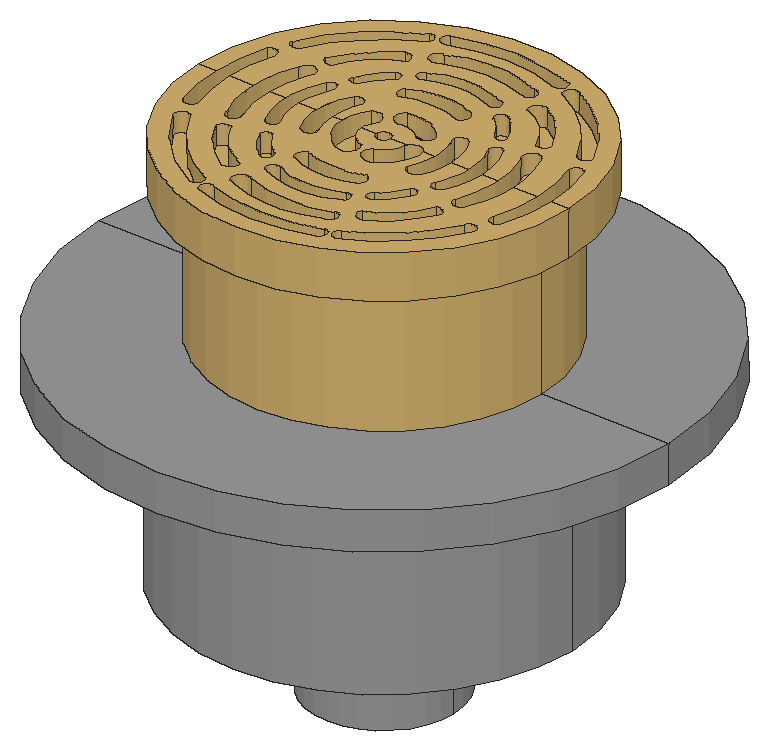
Revit family "Drain-Floor-WATTS-Round-Pronto-Type_FD-190-PR-60_Series", category Plumbing Fixtures, host Face, Revit 2019
Family settings
  Host = Face
  Round Connector Dimension = Use Radius
  Part Type = Normal
  OmniClass Number = 23.70.50.21.24
  OmniClass Title = Waste Water Drains
  Cut with Voids When Loaded = Yes
  Shared = No
  Room Calculation Point = No
Parameters (values of type "FD-192-PR5-60")
  Waste Connection = yes
  Warranty Documentation Link = "https://www.watts.com/resources/warranty-information"
  WFU = 0
  Vent Connection = no
  URL = "http://www.watts.com"
  Strainer Thread Radius = 2 1/4"  # constant formula
  Strainer Line Radius 3 = Strainer Line Radius 2 - Strainer Line Distance  # 0.38275"
  Strainer Line Radius 2 = Strainer Line Radius 1 - Strainer Line Distance  # 1.11325"
  Strainer Line Radius 1 = Flange Radius - 205/256"  # 1 27/32"
  Strainer Line Distance = 0.7305"
  Strainer Height = 2 1/2"
  Flange  Dia. = 5 37/128"
  Region = "North America"  # constant formula
  Product Page URL = "https://www.watts.com/products/drainage-solutions/floor-drains-channels-trench/floor-drains/fd-190-pr-60"
  Product Documentation Link = "https://www.watts.com/dfsmedia/0533dbba17714b1ab581ab07a4cbb521/56030-source/es-wd-fd-190-pr"
  Outlet Radius = 1"
  Outlet Length = 1 13/32"  # constant formula
  Model = "FD-190-PR-60"
  Material = "Metal-WATTS-Nickel Bronze"
  Manufacturer Product Line = "Drainage Products"  # constant formula
  Manufacturer = "WATTS"  # constant formula
  HWFU = 0
  HW Connection = no
  Flange Thickness = 5/8"  # constant formula
  Flange Radius = Flange  Dia. / 2  # 2 165/256"
  Finish = Metal-WATTS-Nickel Bronze
  Country = "United States"  # constant formula
  CWFU = 0
  Body Flange Thickness = 0.528"  # constant formula
  Body Flange Radius = 4.063"  # constant formula
  Description = "The Pronto!™ FD-190-PR-60 PVC adjustable floor drain offers 1 3/4” pre- and 7/8” post-pour adjustability with an integrated bubble level, two leveling shims and a reversible clamping collar with weepholes to ensure professional results. This floor drain also features an anchor flange, round nickel bronze strainer, and a solvent weld outlet. Options include vandal-proofing, trap primer tapping, a backwater valve, side outlet and a choice of funnels."  # constant formula
  Default Elevation = 0"
  Connection Radius = Outlet Radius  # 1"
  CW Connection = no
  Body Radius = 2.688"  # constant formula
  Body Length = 4"  # constant formula
  Assembly Code = "D2030300"
  8 - Backwater Valve = no
  2"-4" Outlets = yes
  -7 Trap Primer Tapping = no
  -6 - vandal proof = no
Types (5): name | Strainer Line Radius 3 | Strainer Line Radius 2 | Strainer Line Radius 1 | Strainer Height | Flange  Dia. | Product Documentation Link | Outlet Radius | Material | Flange Radius | Finish | Connection Radius
  (no name) | 0.38275" | 1.11325" | 1 27/32" | 2 1/2" | 5 37/128" | "https://www.watts.com/dfsmedia/0533dbba17714b1ab581ab07a4cbb521/56030-source/es-wd-fd-190-pr" | 1" | "Metal-WATTS-Nickel Bronze" | 2 165/256" | Metal-WATTS-Nickel Bronze | 1"
  FD-192-PR5-60 | 0.38275" | 1.11325" | 1 27/32" | 2 1/2" | 5 37/128" | "https://www.watts.com/dfsmedia/0533dbba17714b1ab581ab07a4cbb521/56030-source/es-wd-fd-190-pr" | 1" | "Metal-WATTS-Nickel Bronze" | 2 165/256" | Metal-WATTS-Nickel Bronze | 1"
  FD-193-PR6-60 | 0.67962" | 1.41013" | 2 9/64" | 2 1/2" | 5 113/128" | "https://www.watts.com/dfsmedia/0533dbba17714b1ab581ab07a4cbb521/53118-source" | 1 1/2" | "Plastic-WATTS-PVC" | 2 241/256" | none | 1 1/2"
  FD-193-PR7-60 | 1.29095" | 2.02145" | 2.75195" | 2 5/8" | 7 27/256" | "https://www.watts.com/dfsmedia/0533dbba17714b1ab581ab07a4cbb521/53118-source" | 1 1/2" | "Plastic-WATTS-PVC" | 3.55273" | none | 1 1/2"
  FD-194-PR8-60 | 1.68548" | 2.41598" | 3.14648" | 2 3/4" | 7 229/256" | "https://www.watts.com/dfsmedia/0533dbba17714b1ab581ab07a4cbb521/53118-source" | 2" | "Plastic-WATTS-PVC" | 3.94727" | none | 2"
Reference planes (in)
  plane 1 "Center (Front/Back)": y = 0
  plane 2: z = 0
  plane 3 "Center (Left/Right)": x = 0
  plane 4: z = 0.0625
  plane 5: y = 2.64453
Forms (in)
  Revolve 1, solid, material "Metal-WATTS-Nickel Bronze" <- "Finish"
    sketch origin (0, 0, 0) x (1, 0, 0) y (0, 0, 1)
      loop
        line (-2.25, -0.625) -> (-2.25, -2.5) -> (0, -2.5) -> (0, 0) -> (-2.64453, 0) -> (-2.64453, -0.625) -> (-2.25, -0.625)
      axis (0, 0) -> (0, -2.5)
    angle from 0 to 360
  Revolve 2, solid, material "Metal-WATTS-Cast Iron"
    sketch origin (0, 0, 0) x (1, 0, 0) y (0, 0, 1)
      loop
        line (0, -2.5) -> (-4.063, -2.5) -> (-4.063, -3.028) -> (-2.688, -3.028) -> (-2.688, -5.62175) -> (-1, -5.62175) -> (-1, -7.028) -> (0, -7.028) -> (0, -2.5)
      axis (0, -2.5) -> (0, -7.028)
    angle from 0 to 360
  Revolve 3, void
    sketch origin (0, 0, 0) x (0, 1, 0) y (0, 0, 1)
      loop
        line (0, 0.0625) -> (0, -0.625) -> (2.64453, -0.625) -> (2.64453, 0.0625) -> (0, 0.0625)
      axis (0, -0.625) -> (0, 0.0625)
    angle from 0 to 360
  Extrusion 4, void
    sketch origin (0, 0, 0) x (1, 0, 0) y (0, 1, 0)
      loop
        circle (0, 0) r 0.09679
      loop
        arc (-1.0675, 2.13784) -> (-1.69691, 1.68213) -> (-2.14695, 1.04866) r 2.39105
        arc (-2.14695, 1.04866) -> (-2.08104, 0.94736) -> (-1.96519, 0.98178) r 0.101
        arc (-1.96519, 0.98178) -> (-1.55342, 1.55316) -> (-0.98194, 1.96476) r 2.19554
        arc (-0.98194, 1.96476) -> (-0.93911, 2.09362) -> (-1.0675, 2.13784) r 0.09654
      loop
        arc (0.84988, 2.23659) -> (0, 2.39262) -> (-0.84988, 2.23659) r 2.39262
        arc (-0.84988, 2.23659) -> (-0.89383, 2.11381) -> (-0.77944, 2.05121) r 0.10039
        arc (-0.77944, 2.05121) -> (0, 2.1943) -> (0.77944, 2.05121) r 2.1943
        arc (0.77944, 2.05121) -> (0.89383, 2.11381) -> (0.84988, 2.23659) r 0.10039
      loop
        arc (2.14588, 1.05822) -> (1.69617, 1.68749) -> (1.06922, 2.14042) r 2.39262
        arc (1.06922, 2.14042) -> (0.93714, 2.09555) -> (0.9806, 1.96301) r 0.09916
        arc (0.9806, 1.96301) -> (1.54555, 1.55764) -> (1.9553, 0.99587) r 2.1943
        arc (1.9553, 0.99587) -> (2.0775, 0.94613) -> (2.14588, 1.05822) r 0.101
      loop
        arc (1.04951, -2.15015) -> (1.6884, -1.69526) -> (2.14588, -1.05822) r 2.39262
        arc (2.14588, -1.05822) -> (2.0775, -0.94613) -> (1.95616, -0.99631) r 0.101
        arc (1.95616, -0.99631) -> (1.53804, -1.56506) -> (0.96168, -1.97235) r 2.1943
        arc (0.96168, -1.97235) -> (0.93467, -2.09628) -> (1.04951, -2.15015) r 0.1017
      loop
        arc (-0.77944, -2.05121) -> (-0.89383, -2.11381) -> (-0.84988, -2.23659) r 0.10039
        arc (-0.84988, -2.23659) -> (0, -2.39262) -> (0.84988, -2.23659) r 2.39262
        arc (0.84988, -2.23659) -> (0.89383, -2.11381) -> (0.77944, -2.05121) r 0.10039
        arc (0.77944, -2.05121) -> (0, -2.1943) -> (-0.77944, -2.05121) r 2.1943
      loop
        arc (-1.95612, -0.9964) -> (-2.10495, -0.96002) -> (-2.11851, -1.11263) r 0.101
        arc (-2.11851, -1.11263) -> (-1.67494, -1.7112) -> (-1.06875, -2.14428) r 2.3921
        arc (-1.06875, -2.14428) -> (-0.93497, -2.09645) -> (-0.98111, -1.96209) r 0.1011
        arc (-0.98111, -1.96209) -> (-1.54601, -1.55739) -> (-1.95612, -0.9964) r 2.19519
      loop
        arc (-2.0873, 0.68469) -> (-2.15053, 0.79254) -> (-2.26849, 0.7511) r 0.0983
        arc (-2.26849, 0.7511) -> (-2.39067, 0.00912) -> (-2.27663, -0.73415) r 2.39372
        arc (-2.27663, -0.73415) -> (-2.15437, -0.79386) -> (-2.08957, -0.67421) r 0.0983
        arc (-2.08957, -0.67421) -> (-2.19629, 0.00542) -> (-2.0873, 0.68469) r 2.19423
      loop
        arc (0.64716, 1.88032) -> (0.00795, 2.0178) -> (-0.63177, 1.88268) r 1.56822
        arc (-0.63177, 1.88268) -> (-0.73473, 1.71467) -> (-0.54061, 1.68082) r 0.11911
        arc (-0.54061, 1.68082) -> (0.04683, 1.79067) -> (0.6331, 1.67476) r 1.58204
        arc (0.6331, 1.67476) -> (0.76099, 1.76928) -> (0.64716, 1.88032) r 0.10437
      loop
        arc (-0.46583, 1.26518) -> (-0.58554, 1.30667) -> (-0.54148, 1.42546) r 0.08864
        arc (-0.54148, 1.42546) -> (0, 1.56566) -> (0.54148, 1.42546) r 1.11579
        arc (0.54148, 1.42546) -> (0.58634, 1.30841) -> (0.46929, 1.26354) r 0.08864
        arc (0.46929, 1.26354) -> (0.00226, 1.37284) -> (-0.46457, 1.26266) r 1.04827
      loop
        arc (0.44272, 1.01606) -> (-0.0304, 1.12445) -> (-0.49617, 0.9879) r 0.9614
        arc (-0.49617, 0.9879) -> (-0.51289, 0.88212) -> (-0.44183, 0.80199) r 0.12542
        arc (-0.44183, 0.80199) -> (-0.02204, 0.88693) -> (0.39647, 0.79595) r 1.04264
        arc (0.39647, 0.79595) -> (0.4886, 0.8915) -> (0.44272, 1.01606) r 0.12494
      loop
        arc (0.64716, -1.88032) -> (0.76099, -1.76928) -> (0.6331, -1.67476) r 0.10437
        arc (0.6331, -1.67476) -> (0.04683, -1.79067) -> (-0.54061, -1.68082) r 1.58204
        arc (-0.54061, -1.68082) -> (-0.73473, -1.71467) -> (-0.63177, -1.88268) r 0.11911
        arc (-0.63177, -1.88268) -> (0.00795, -2.0178) -> (0.64716, -1.88032) r 1.56822
      loop
        arc (-0.46583, -1.26518) -> (-0.58554, -1.30667) -> (-0.54148, -1.42546) r 0.08864
        arc (-0.54148, -1.42546) -> (0, -1.56566) -> (0.54148, -1.42546) r 1.11579
        arc (0.54148, -1.42546) -> (0.58634, -1.30841) -> (0.46929, -1.26354) r 0.08864
        arc (0.46929, -1.26354) -> (0.00226, -1.37284) -> (-0.46457, -1.26266) r 1.04827
      loop
        arc (0.44272, -1.01606) -> (0.4886, -0.8915) -> (0.39647, -0.79595) r 0.12494
        arc (0.39647, -0.79595) -> (-0.02204, -0.88693) -> (-0.44183, -0.80199) r 1.04264
        arc (-0.44183, -0.80199) -> (-0.51289, -0.88212) -> (-0.49617, -0.9879) r 0.12542
        arc (-0.49617, -0.9879) -> (-0.0304, -1.12445) -> (0.44272, -1.01606) r 0.9614
      loop
        arc (-1.71941, -0.63919) -> (-1.60836, -0.75302) -> (-1.51385, -0.62513) r 0.10437
        arc (-1.51385, -0.62513) -> (-1.62975, -0.03885) -> (-1.5199, 0.54859) r 1.58204
        arc (-1.5199, 0.54859) -> (-1.55376, 0.7427) -> (-1.72177, 0.63975) r 0.11911
        arc (-1.72177, 0.63975) -> (-1.85689, 0.00003) -> (-1.71941, -0.63919) r 1.56822
      loop
        arc (-1.10427, 0.4738) -> (-1.14576, 0.59352) -> (-1.26455, 0.54945) r 0.08864
        arc (-1.26455, 0.54945) -> (-1.40474, 0.00798) -> (-1.26455, -0.5335) r 1.11579
        arc (-1.26455, -0.5335) -> (-1.1475, -0.57837) -> (-1.10263, -0.46132) r 0.08864
        arc (-1.10263, -0.46132) -> (-1.21192, 0.00572) -> (-1.10174, 0.47254) r 1.04827
      loop
        arc (-0.85515, -0.43474) -> (-0.73059, -0.48062) -> (-0.63503, -0.3885) r 0.12494
        arc (-0.63503, -0.3885) -> (-0.72602, 0.03002) -> (-0.64108, 0.44981) r 1.04264
        arc (-0.64108, 0.44981) -> (-0.72121, 0.52086) -> (-0.82699, 0.50415) r 0.12542
        arc (-0.82699, 0.50415) -> (-0.96354, 0.03837) -> (-0.85515, -0.43474) r 0.9614
      loop
        arc (-1.01622, -1.63776) -> (-0.88828, -1.60487) -> (-0.86137, -1.47554) r 0.12494
        arc (-0.86137, -1.47554) -> (-1.21828, -1.24391) -> (-1.45293, -0.88897) r 1.04262
        arc (-1.45293, -0.88897) -> (-1.55685, -0.89488) -> (-1.61931, -0.97813) r 0.12346
        arc (-1.61931, -0.97813) -> (-1.36997, -1.35567) -> (-1.01622, -1.63776) r 1.44707
      loop
        arc (1.01622, -1.63776) -> (1.36997, -1.35567) -> (1.61931, -0.97813) r 1.44707
        arc (1.61931, -0.97813) -> (1.55685, -0.89488) -> (1.45293, -0.88897) r 0.12346
        arc (1.45293, -0.88897) -> (1.21828, -1.24391) -> (0.86137, -1.47554) r 1.04262
        arc (0.86137, -1.47554) -> (0.88828, -1.60487) -> (1.01622, -1.63776) r 0.12494
      loop
        arc (-1.01622, 1.63776) -> (-1.36997, 1.35567) -> (-1.61931, 0.97813) r 1.44707
        arc (-1.61931, 0.97813) -> (-1.55685, 0.89488) -> (-1.45293, 0.88897) r 0.12346
        arc (-1.45293, 0.88897) -> (-1.21828, 1.24391) -> (-0.86137, 1.47554) r 1.04262
        arc (-0.86137, 1.47554) -> (-0.88828, 1.60487) -> (-1.01622, 1.63776) r 0.12494
      loop
        arc (1.01622, 1.63776) -> (0.88828, 1.60487) -> (0.86137, 1.47554) r 0.12494
        arc (0.86137, 1.47554) -> (1.21828, 1.24391) -> (1.45293, 0.88897) r 1.04262
        arc (1.45293, 0.88897) -> (1.55685, 0.89488) -> (1.61931, 0.97813) r 0.12346
        arc (1.61931, 0.97813) -> (1.36997, 1.35567) -> (1.01622, 1.63776) r 1.44707
      loop
        arc (-0.9727, -0.75493) -> (-1.07312, -0.73467) -> (-1.10819, -0.83092) r 0.07856
        arc (-1.10819, -0.83092) -> (-0.98326, -1.03753) -> (-0.81078, -1.2065) r 0.9614
        arc (-0.81078, -1.2065) -> (-0.69466, -1.18607) -> (-0.70622, -1.06874) r 0.08672
        arc (-0.70622, -1.06874) -> (-0.8551, -0.92512) -> (-0.9727, -0.75493) r 1.04264
      loop
        arc (0.9727, -0.75493) -> (0.8551, -0.92512) -> (0.70622, -1.06874) r 1.04264
        arc (0.70622, -1.06874) -> (0.69466, -1.18607) -> (0.81078, -1.2065) r 0.08672
        arc (0.81078, -1.2065) -> (0.98326, -1.03753) -> (1.10819, -0.83092) r 0.9614
        arc (1.10819, -0.83092) -> (1.07312, -0.73467) -> (0.9727, -0.75493) r 0.07856
      loop
        arc (-0.9727, 0.75493) -> (-0.8551, 0.92512) -> (-0.70622, 1.06874) r 1.04264
        arc (-0.70622, 1.06874) -> (-0.69466, 1.18607) -> (-0.81078, 1.2065) r 0.08672
        arc (-0.81078, 1.2065) -> (-0.98326, 1.03753) -> (-1.10819, 0.83092) r 0.9614
        arc (-1.10819, 0.83092) -> (-1.07312, 0.73467) -> (-0.9727, 0.75493) r 0.07856
      loop
        arc (0.9727, 0.75493) -> (1.07312, 0.73467) -> (1.10819, 0.83092) r 0.07856
        arc (1.10819, 0.83092) -> (0.98326, 1.03753) -> (0.81078, 1.2065) r 0.9614
        arc (0.81078, 1.2065) -> (0.69466, 1.18607) -> (0.70622, 1.06874) r 0.08672
        arc (0.70622, 1.06874) -> (0.8551, 0.92512) -> (0.9727, 0.75493) r 1.04264
      loop
        arc (0.85515, -0.43474) -> (0.96354, 0.03837) -> (0.82699, 0.50415) r 0.9614
        arc (0.82699, 0.50415) -> (0.72121, 0.52086) -> (0.64108, 0.44981) r 0.12542
        arc (0.64108, 0.44981) -> (0.72602, 0.03002) -> (0.63503, -0.3885) r 1.04264
        arc (0.63503, -0.3885) -> (0.73059, -0.48062) -> (0.85515, -0.43474) r 0.12494
      loop
        arc (2.0873, 0.68469) -> (2.19629, 0.00542) -> (2.08957, -0.67421) r 2.19423
        arc (2.08957, -0.67421) -> (2.15437, -0.79386) -> (2.27663, -0.73415) r 0.0983
        arc (2.27663, -0.73415) -> (2.39067, 0.00912) -> (2.26849, 0.7511) r 2.39372
        arc (2.26849, 0.7511) -> (2.15053, 0.79254) -> (2.0873, 0.68469) r 0.0983
      loop
        arc (1.71941, -0.63919) -> (1.85689, 0.00003) -> (1.72177, 0.63975) r 1.56822
        arc (1.72177, 0.63975) -> (1.55376, 0.7427) -> (1.5199, 0.54859) r 0.11911
        arc (1.5199, 0.54859) -> (1.62975, -0.03885) -> (1.51385, -0.62513) r 1.58204
        arc (1.51385, -0.62513) -> (1.60836, -0.75302) -> (1.71941, -0.63919) r 0.10437
      loop
        arc (1.10427, 0.4738) -> (1.14576, 0.59352) -> (1.26455, 0.54945) r 0.08864
        arc (1.26455, 0.54945) -> (1.40474, 0.00798) -> (1.26455, -0.5335) r 1.11579
        arc (1.26455, -0.5335) -> (1.1475, -0.57837) -> (1.10263, -0.46132) r 0.08864
        arc (1.10263, -0.46132) -> (1.21192, 0.00572) -> (1.10174, 0.47254) r 1.04827
      loop
        arc (-0.24944, 0.18619) -> (-0.29735, 0.35676) -> (-0.47451, 0.35616) r 0.14633
        arc (-0.47451, 0.35616) -> (-0.57156, -0.15957) -> (-0.22151, -0.55056) r 0.59332
        arc (-0.22151, -0.55056) -> (-0.06276, -0.47639) -> (-0.07788, -0.30182) r 0.15292
        arc (-0.07788, -0.30182) -> (-0.29391, -0.1036) -> (-0.24944, 0.18619) r 0.3113
      loop
        arc (0.47863, 0.35092) -> (0.2033, 0.55756) -> (-0.14041, 0.57655) r 0.59336
        arc (-0.14041, 0.57655) -> (-0.17504, 0.39816) -> (-0.01436, 0.31328) r 0.1525
        arc (-0.01436, 0.31328) -> (0.13336, 0.30184) -> (0.25783, 0.22147) r 0.30181
        arc (0.25783, 0.22147) -> (0.42061, 0.19685) -> (0.47863, 0.35092) r 0.13085
      loop
        arc (0.08829, -0.29868) -> (0.05177, -0.47918) -> (0.22157, -0.55047) r 0.14528
        arc (0.22157, -0.55047) -> (0.46097, -0.37365) -> (0.58441, -0.10283) r 0.59339
        arc (0.58441, -0.10283) -> (0.48256, 0.06574) -> (0.31007, -0.02932) r 0.14212
        arc (0.31007, -0.02932) -> (0.24044, -0.19797) -> (0.08829, -0.29868) r 0.31145
    from -0.26363 to 0.0625
Cuts and joins
  Extrusion 4 cuts Revolve 1
Lines and regions (in)
  Masking region 1
    outline origin (0, 0, 0) x (1, 0, 0) y (0, 1, 0)
      loop
        circle (0, 0) r 2.64453
  model lines, detail levels fine
    curve 1: circle (0, 0, 0) r 1.84375 normal (0, 0, 1)
    curve 2: circle (0, 0, 0) r 1.11325 normal (0, 0, 1)
    curve 3: circle (0, 0, 0) r 0.38275 normal (0, 0, 1)
  model lines, detail levels medium+fine
    curve 4: line (-2.64453, 0, 0) -> (2.64453, 0, 0)
    curve 5: line (0, 2.64453, 0) -> (0, -2.64453, 0)
  model lines, style "PlumbingFixtures", not visible, detail levels fine
    curve 6: circle (0, 0, 0) r 2.64453 normal (0, 0, -1)
Dimensions and locks (in)
  "Strainer Thread Radius": plane 3 "Center (Left/Right)" to Revolve 1 sketch curve
  "Strainer Height": plane 2 to Revolve 1 sketch curve
  "Body Flange Thickness": Revolve 2 sketch curve to Revolve 2 sketch curve
  "Outlet Radius": plane 3 "Center (Left/Right)" to Revolve 2 sketch curve
  "Body Radius": plane 3 "Center (Left/Right)" to Revolve 2 sketch curve
  "Body Length": Revolve 2 sketch curve to Revolve 2 sketch curve
  "Outlet Length": Revolve 2 sketch curve to Revolve 2 sketch curve
  "Flange Thickness": Revolve 1 sketch curve to Revolve 1 sketch curve
  "Flange Radius": plane 3 "Center (Left/Right)" to Revolve 1 sketch curve
  locked: level to plane 4 at 0.0625
  "Flange Radius": plane 5 to plane 1 "Center (Front/Back)"
  "Strainer Line Radius 1": radius of curve 1
  "Strainer Line Radius 2": radius of curve 2
  "Strainer Line Radius 3": radius of curve 3
  aligned and locked: plane 2 to host face
  aligned and locked: level to host face
  aligned and locked: plane 3 "Center (Left/Right)" to curve 3
  aligned and locked: plane 1 "Center (Front/Back)" to curve 3
  aligned and locked: plane 3 "Center (Left/Right)" to curve 2
  aligned and locked: plane 1 "Center (Front/Back)" to curve 2
  aligned and locked: plane 3 "Center (Left/Right)" to curve 1
  aligned and locked: plane 1 "Center (Front/Back)" to curve 1
  aligned and locked: plane 1 "Center (Front/Back)" to curve 4
  aligned and locked: curve 5 to plane 3 "Center (Left/Right)"
  aligned and locked: plane 3 "Center (Left/Right)" to Revolve 1 sketch curve
  aligned and locked: Revolve 1 sketch curve to Revolve 1 sketch curve
  aligned and locked: plane 3 "Center (Left/Right)" to Revolve 2 sketch curve
  aligned and locked: Revolve 2 sketch curve to Revolve 1
  aligned and locked: Revolve 2 sketch curve to Revolve 2 sketch curve  (x2)
  aligned and locked: plane 1 "Center (Front/Back)" to Revolve 3 sketch curve
  aligned and locked: Revolve 3 sketch curve to plane 1 "Center (Front/Back)"
  aligned and locked: Revolve 3 sketch curve to Revolve 1
  aligned and locked: plane 4 to Revolve 3 sketch curve
  aligned and locked: curve 6 to Revolve 1
  aligned and locked: Masking region 1 sketch curve to Revolve 1
  aligned and locked: plane 5 to Revolve 3 sketch curve
Automatic sketch dimensions
  host sketch curve to host sketch curve = 96"  (x2)
  Revolve 2 sketch curve to Revolve 2 sketch curve = 0"
  Revolve 2 sketch curve to Revolve 2 sketch curve = 1 3/8"
  Revolve 3 sketch curve to Revolve 3 sketch curve = 5.35007"
  Revolve 3 sketch curve to Revolve 3 sketch curve = 1 1/4"
  Revolve 1 sketch curve to level = 0"
  Revolve 1 sketch curve to Revolve 1 sketch curve = 0.747"
  Revolve 1 sketch curve to Revolve 1 sketch curve = 1/8"
  Extrusion 4 sketch curve to Extrusion 4 sketch curve = 0"  (x111)
  Extrusion 4 sketch curve to plane 3 "Center (Left/Right)" = 0"  (x3)
  plane 1 "Center (Front/Back)" to Extrusion 4 sketch curve = 0"
  Extrusion 4 sketch curve to plane 3 "Center (Left/Right)" = 0.00007"
  Extrusion 4 sketch curve to plane 3 "Center (Left/Right)" = 0.00023"
  Extrusion 4 sketch curve to plane 1 "Center (Front/Back)" = 0.00046"
  Extrusion 4 sketch curve to plane 3 "Center (Left/Right)" = 0.00115"
  Extrusion 4 sketch curve to plane 3 "Center (Left/Right)" = 0.00125"
  Extrusion 4 sketch curve to plane 3 "Center (Left/Right)" = 0.00158"  (x2)
  Extrusion 4 sketch curve to Extrusion 4 sketch curve = 0.00081"
  Extrusion 4 sketch curve to plane 3 "Center (Left/Right)" = 0.00256"
  Extrusion 4 sketch curve to plane 3 "Center (Left/Right)" = 0.00302"
  Extrusion 4 sketch curve to Extrusion 4 sketch curve = 0.02798"  (x2)
  Extrusion 4 sketch curve to plane 3 "Center (Left/Right)" = 0.03749"
  Extrusion 4 sketch curve to plane 3 "Center (Left/Right)" = 0.04773"
  Extrusion 4 sketch curve to plane 3 "Center (Left/Right)" = 0.06034"  (x2)
  Extrusion 4 sketch curve to plane 1 "Center (Front/Back)" = 0.00472"  (x2)
  Extrusion 4 sketch curve to Extrusion 4 sketch curve = 0.11592"  (x2)
  Extrusion 4 sketch curve to plane 3 "Center (Left/Right)" = 0.1952"
  Extrusion 4 sketch curve to Extrusion 4 sketch curve = 0.19206"
  Extrusion 4 sketch curve to Extrusion 4 sketch curve = 0.03435"
  Extrusion 4 sketch curve to plane 1 "Center (Front/Back)" = 0.00292"  (x2)
  Extrusion 4 sketch curve to Extrusion 4 sketch curve = 1/8"  (x4)
  Extrusion 4 sketch curve to Extrusion 4 sketch curve = 0.00028"  (x4)
  Extrusion 4 sketch curve to Extrusion 4 sketch curve = 0.07245"  (x4)
  Extrusion 4 sketch curve to Extrusion 4 sketch curve = 0.02764"  (x2)
  Extrusion 4 sketch curve to Extrusion 4 sketch curve = 0.08354"
  Extrusion 4 sketch curve to plane 3 "Center (Left/Right)" = 0.3925"  (x2)
  Extrusion 4 sketch curve to Extrusion 4 sketch curve = 0.18217"  (x4)
  Extrusion 4 sketch curve to Extrusion 4 sketch curve = 0.11288"  (x4)
  Extrusion 4 sketch curve to Extrusion 4 sketch curve = 0.12078"  (x8)
  Extrusion 4 sketch curve to Extrusion 4 sketch curve = 0.27211"  (x2)
  Extrusion 4 sketch curve to Extrusion 4 sketch curve = 0.27223"  (x2)
  Extrusion 4 sketch curve to Extrusion 4 sketch curve = 0.25836"  (x4)
  Extrusion 4 sketch curve to Extrusion 4 sketch curve = 0.17381"  (x2)
  Extrusion 4 sketch curve to Extrusion 4 sketch curve = 0.35249"  (x2)
  Extrusion 4 sketch curve to Extrusion 4 sketch curve = 0.22567"
  Extrusion 4 sketch curve to Extrusion 4 sketch curve = 0.2261"
  Extrusion 4 sketch curve to Extrusion 4 sketch curve = 0.27094"  (x4)
  Extrusion 4 sketch curve to Extrusion 4 sketch curve = 0.1489"  (x4)
  Extrusion 4 sketch curve to Extrusion 4 sketch curve = 0.46384"  (x4)
  Extrusion 4 sketch curve to Extrusion 4 sketch curve = 0.10425"  (x2)
  Extrusion 4 sketch curve to Extrusion 4 sketch curve = 0.11695"  (x2)
  Extrusion 4 sketch curve to Extrusion 4 sketch curve = 0.54763"  (x4)
  Extrusion 4 sketch curve to Extrusion 4 sketch curve = 0.1382"  (x4)
  Extrusion 4 sketch curve to plane 1 "Center (Front/Back)" = 0.00007"
  plane 3 "Center (Left/Right)" to Extrusion 4 sketch curve = 0.00012"
  plane 3 "Center (Left/Right)" to Extrusion 4 sketch curve = 0.00139"
  plane 3 "Center (Left/Right)" to Extrusion 4 sketch curve = 0.00175"
  plane 3 "Center (Left/Right)" to Extrusion 4 sketch curve = 0.00206"
  plane 3 "Center (Left/Right)" to Extrusion 4 sketch curve = 0.00256"
  Extrusion 4 sketch curve to Extrusion 4 sketch curve = 0.00127"
  plane 3 "Center (Left/Right)" to Extrusion 4 sketch curve = 0.00326"  (x2)
  plane 3 "Center (Left/Right)" to Extrusion 4 sketch curve = 0.00505"  (x2)
  Extrusion 4 sketch curve to plane 1 "Center (Front/Back)" = 0.01586"
  Extrusion 4 sketch curve to Extrusion 4 sketch curve = 0.03433"
  plane 3 "Center (Left/Right)" to Extrusion 4 sketch curve = 0.03867"  (x2)
  plane 3 "Center (Left/Right)" to Extrusion 4 sketch curve = 0.04773"
  Extrusion 4 sketch curve to Extrusion 4 sketch curve = 0.02167"  (x2)
  Extrusion 4 sketch curve to Extrusion 4 sketch curve = 0.17512"
  Extrusion 4 sketch curve to Extrusion 4 sketch curve = 0.04937"
  Extrusion 4 sketch curve to Extrusion 4 sketch curve = 0.2245"
  Extrusion 4 sketch curve to Extrusion 4 sketch curve = 0.05244"
  plane 3 "Center (Left/Right)" to Extrusion 4 sketch curve = 0.36633"  (x2)
  plane 1 "Center (Front/Back)" to Extrusion 4 sketch curve = 0.07154"
  Extrusion 4 sketch curve to Extrusion 4 sketch curve = 0.12918"
  Extrusion 4 sketch curve to Extrusion 4 sketch curve = 0.13906"  (x4)
  Extrusion 4 sketch curve to Extrusion 4 sketch curve = 0.15148"  (x4)
  Extrusion 4 sketch curve to Extrusion 4 sketch curve = 0.14312"  (x2)
  Extrusion 4 sketch curve to Extrusion 4 sketch curve = 0.32179"  (x2)
  Extrusion 4 sketch curve to Extrusion 4 sketch curve = 0.22587"  (x2)
  plane 1 "Center (Front/Back)" to Extrusion 4 sketch curve = 0.15568"
  Extrusion 4 sketch curve to Extrusion 4 sketch curve = 1/128"  (x3)
  Extrusion 4 sketch curve to Extrusion 4 sketch curve = 0.04517"  (x2)
  Extrusion 4 sketch curve to Extrusion 4 sketch curve = 0.09456"  (x2)
  Extrusion 4 sketch curve to Extrusion 4 sketch curve = 0.0416"  (x2)
  Extrusion 4 sketch curve to Extrusion 4 sketch curve = 0.07432"  (x2)
  plane 1 "Center (Front/Back)" to Extrusion 4 sketch curve = 0.35835"  (x2)
  Extrusion 4 sketch curve to Extrusion 4 sketch curve = 0.12899"  (x2)
  Extrusion 4 sketch curve to Extrusion 4 sketch curve = 0.02068"
  Extrusion 4 sketch curve to Extrusion 4 sketch curve = 0.03198"
  Extrusion 4 sketch curve to Extrusion 4 sketch curve = 0.04077"
  Extrusion 4 sketch curve to Extrusion 4 sketch curve = 0.02948"
  Extrusion 4 sketch curve to Extrusion 4 sketch curve = 0.12432"  (x4)
  Extrusion 4 sketch curve to Extrusion 4 sketch curve = 0.05136"  (x2)
  Extrusion 4 sketch curve to Extrusion 4 sketch curve = 0.30578"  (x2)
  Extrusion 4 sketch curve to Extrusion 4 sketch curve = 0.41364"  (x2)
  Extrusion 4 sketch curve to Extrusion 4 sketch curve = 0.41376"  (x2)
  Extrusion 4 sketch curve to Extrusion 4 sketch curve = 0.35481"  (x2)
  Extrusion 4 sketch curve to Extrusion 4 sketch curve = 0.3419"  (x4)
  Extrusion 4 sketch curve to Extrusion 4 sketch curve = 0.33045"  (x4)
  Extrusion 4 sketch curve to Extrusion 4 sketch curve = 0.21086"  (x4)
  Extrusion 4 sketch curve to Extrusion 4 sketch curve = 0.38496"  (x4)
  Extrusion 4 sketch curve to Extrusion 4 sketch curve = 0.2451"  (x2)
  Extrusion 4 sketch curve to Extrusion 4 sketch curve = 33/128"  (x2)
  Extrusion 4 sketch curve to Extrusion 4 sketch curve = 0.27484"  (x2)
  Extrusion 4 sketch curve to Extrusion 4 sketch curve = 0.28893"
  Extrusion 4 sketch curve to Extrusion 4 sketch curve = 0.09684"
  Extrusion 4 sketch curve to Extrusion 4 sketch curve = 0.09823"  (x2)
  plane 1 "Center (Front/Back)" to Extrusion 4 sketch curve = 0.03069"  (x2)
  plane 1 "Center (Front/Back)" to Extrusion 4 sketch curve = 0.00508"
  Extrusion 4 sketch curve to Extrusion 4 sketch curve = 0.00108"
  plane 1 "Center (Front/Back)" to Extrusion 4 sketch curve = 0.004"
  plane 1 "Center (Front/Back)" to Extrusion 4 sketch curve = 0.001"
  plane 1 "Center (Front/Back)" to Extrusion 4 sketch curve = 0.00036"
  plane 1 "Center (Front/Back)" to Extrusion 4 sketch curve = 0.00011"
  Extrusion 4 sketch curve to Extrusion 4 sketch curve = 0.00129"
  Extrusion 4 sketch curve to plane 1 "Center (Front/Back)" = 0.00175"
  Extrusion 4 sketch curve to Extrusion 4 sketch curve = 0.00053"
  Extrusion 4 sketch curve to Extrusion 4 sketch curve = 0.00505"  (x2)
  Extrusion 4 sketch curve to plane 1 "Center (Front/Back)" = 0.03754"  (x2)
  Extrusion 4 sketch curve to Extrusion 4 sketch curve = 0.14612"
  Extrusion 4 sketch curve to Extrusion 4 sketch curve = 0.20245"
  Extrusion 4 sketch curve to Extrusion 4 sketch curve = 0.27219"
  Extrusion 4 sketch curve to Extrusion 4 sketch curve = 0.13924"
  Extrusion 4 sketch curve to Extrusion 4 sketch curve = 0.0695"
  Extrusion 4 sketch curve to plane 1 "Center (Front/Back)" = 0.40048"  (x2)
  Extrusion 4 sketch curve to Extrusion 4 sketch curve = 0.06146"  (x2)
  Extrusion 4 sketch curve to Extrusion 4 sketch curve = 0.01415"
  Extrusion 4 sketch curve to Extrusion 4 sketch curve = 0.0661"  (x2)
  Extrusion 4 sketch curve to Extrusion 4 sketch curve = 0.28983"  (x2)
  Extrusion 4 sketch curve to Extrusion 4 sketch curve = 0.36955"  (x2)
  Extrusion 4 sketch curve to Extrusion 4 sketch curve = 0.28714"
  Extrusion 4 sketch curve to Extrusion 4 sketch curve = 0.09863"
  Extrusion 4 sketch curve to plane 3 "Center (Left/Right)" = 0.01436"
  Extrusion 4 sketch curve to Extrusion 4 sketch curve = 0.01754"
  Extrusion 4 sketch curve to plane 3 "Center (Left/Right)" = 0.14041"
  Extrusion 4 sketch curve to Extrusion 4 sketch curve = 0.00804"
  Extrusion 4 sketch curve to Extrusion 4 sketch curve = 0.13609"
  Extrusion 4 sketch curve to Extrusion 4 sketch curve = 0.04933"  (x2)
  Extrusion 4 sketch curve to Extrusion 4 sketch curve = 0.04082"  (x2)
  Extrusion 4 sketch curve to Extrusion 4 sketch curve = 0.00126"  (x2)
  Extrusion 4 sketch curve to Extrusion 4 sketch curve = 0.08898"
  Extrusion 4 sketch curve to Extrusion 4 sketch curve = 0.10367"  (x2)
  Extrusion 4 sketch curve to Extrusion 4 sketch curve = 0.08555"  (x2)
  Extrusion 4 sketch curve to Extrusion 4 sketch curve = 0.03609"  (x8)
  Extrusion 4 sketch curve to Extrusion 4 sketch curve = 0.00561"  (x2)
  Extrusion 4 sketch curve to Extrusion 4 sketch curve = 0.12125"  (x2)
  Extrusion 4 sketch curve to Extrusion 4 sketch curve = 0.11532"  (x2)
  Extrusion 4 sketch curve to Extrusion 4 sketch curve = 0.05752"  (x4)
  Extrusion 4 sketch curve to Extrusion 4 sketch curve = 0.02054"  (x4)
  Extrusion 4 sketch curve to Extrusion 4 sketch curve = 0.04704"  (x4)
  Extrusion 4 sketch curve to Extrusion 4 sketch curve = 0.07059"  (x2)
  Extrusion 4 sketch curve to Extrusion 4 sketch curve = 0.0499"  (x2)
  Extrusion 4 sketch curve to Extrusion 4 sketch curve = 0.09887"  (x2)
  Extrusion 4 sketch curve to Extrusion 4 sketch curve = 0.11729"  (x4)
  Extrusion 4 sketch curve to Extrusion 4 sketch curve = 0.06199"  (x4)
  Extrusion 4 sketch curve to Extrusion 4 sketch curve = 0.04497"
  Extrusion 4 sketch curve to Extrusion 4 sketch curve = 0.04372"
  Extrusion 4 sketch curve to Extrusion 4 sketch curve = 0.03756"  (x4)
  Extrusion 4 sketch curve to Extrusion 4 sketch curve = 0.04185"
  Extrusion 4 sketch curve to Extrusion 4 sketch curve = 0.04267"
  Extrusion 4 sketch curve to Extrusion 4 sketch curve = 0.08185"  (x4)
  Extrusion 4 sketch curve to Extrusion 4 sketch curve = 0.08096"  (x6)
  Extrusion 4 sketch curve to Extrusion 4 sketch curve = 0.00252"  (x2)
  Extrusion 4 sketch curve to Extrusion 4 sketch curve = 0.07351"  (x4)
  Extrusion 4 sketch curve to Extrusion 4 sketch curve = 0.0456"  (x4)
  Extrusion 4 sketch curve to Extrusion 4 sketch curve = 0.10163"  (x2)
  Extrusion 4 sketch curve to Extrusion 4 sketch curve = 0.08288"  (x2)
  Extrusion 4 sketch curve to Extrusion 4 sketch curve = 0.10392"  (x2)
  Extrusion 4 sketch curve to Extrusion 4 sketch curve = 0.11898"  (x2)
  Extrusion 4 sketch curve to Extrusion 4 sketch curve = 0.09005"
  Extrusion 4 sketch curve to Extrusion 4 sketch curve = 0.08098"
  Extrusion 4 sketch curve to Extrusion 4 sketch curve = 0.09706"  (x2)
  Extrusion 4 sketch curve to Extrusion 4 sketch curve = 0.09479"  (x2)
  Extrusion 4 sketch curve to Extrusion 4 sketch curve = 0.07234"
  Extrusion 4 sketch curve to Extrusion 4 sketch curve = 0.10079"
  Extrusion 4 sketch curve to Extrusion 4 sketch curve = 0.08412"  (x2)
  Extrusion 4 sketch curve to Extrusion 4 sketch curve = 0.09227"  (x2)
  Extrusion 4 sketch curve to Extrusion 4 sketch curve = 0.02795"
  Extrusion 4 sketch curve to Extrusion 4 sketch curve = 0.00798"
  Extrusion 4 sketch curve to Extrusion 4 sketch curve = 0.0966"
  plane 1 "Center (Front/Back)" to Extrusion 4 sketch curve = 0.02932"
  Extrusion 4 sketch curve to Extrusion 4 sketch curve = 0.0214"
  Extrusion 4 sketch curve to Extrusion 4 sketch curve = 0.03014"  (x2)
  Extrusion 4 sketch curve to Extrusion 4 sketch curve = 0.07639"  (x2)
  Extrusion 4 sketch curve to Extrusion 4 sketch curve = 0.1242"
  Extrusion 4 sketch curve to Extrusion 4 sketch curve = 0.02376"  (x2)
  Extrusion 4 sketch curve to Extrusion 4 sketch curve = 0.0097"  (x2)
  Extrusion 4 sketch curve to Extrusion 4 sketch curve = 0.06417"
  Extrusion 4 sketch curve to Extrusion 4 sketch curve = 0.04526"
  Extrusion 4 sketch curve to Extrusion 4 sketch curve = 0.02365"
  Extrusion 4 sketch curve to Extrusion 4 sketch curve = 0.04337"
  Extrusion 4 sketch curve to Extrusion 4 sketch curve = 0.09086"  (x2)
  Extrusion 4 sketch curve to Extrusion 4 sketch curve = 0.00086"  (x2)
  Extrusion 4 sketch curve to Extrusion 4 sketch curve = 0.09971"  (x2)
  Extrusion 4 sketch curve to Extrusion 4 sketch curve = 0.04628"  (x2)
  Extrusion 4 sketch curve to Extrusion 4 sketch curve = 0.09827"  (x2)
  radius of Extrusion 4 sketch curve = 0.09679"
Connectors (in)
  piping at (0, 0, -7.028), diameter 2, driven by "WFU", driven by "Connection Radius"
    settings: on Revolve 2, index 1, connector inside diameter 2", connector length 0", flow factor 0, pipe flow 0 GPM, pressure drop 0.00 psi, fitting loss kfactor 0, connector angle 0.00°, fixture units 0, engagement length 0", angle of deflection 0.00°, flow configuration 3, flow direction 2, fitting loss method 0, system type 16, joint type 0, gender type 0, connector reference index -1, connector utility 0, adjustable connector no, is connector primary yes, connector description "Outlet"
